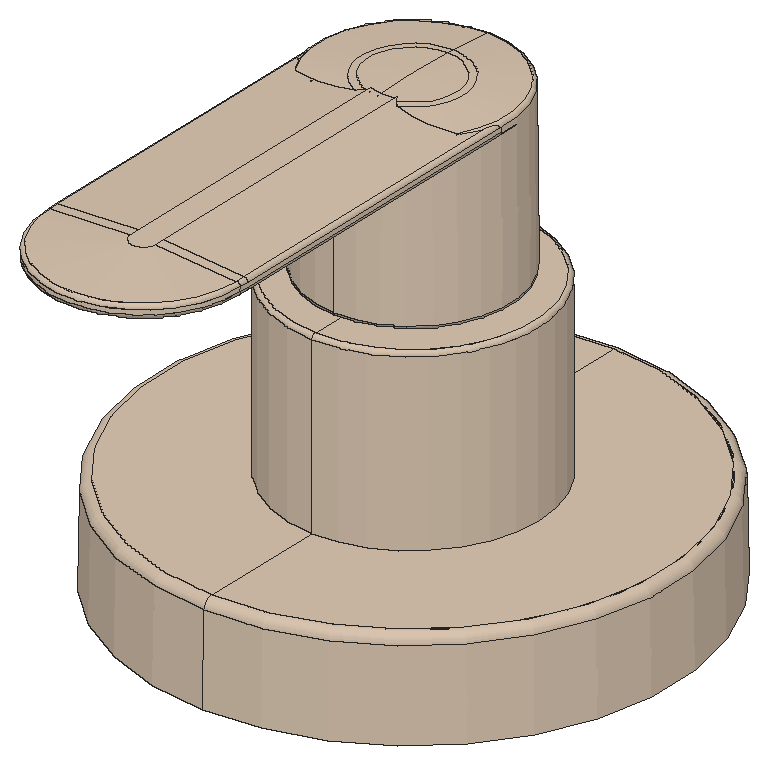
Revit family "Shower-Valve_Trim-KALLISTA-Capsule-P34134", category Specialty Equipment, host Face, Revit 2021
Family settings
  Host = Face
  Round Connector Dimension = Use Diameter
  Part Type = Normal
  OmniClass Number = 23.31.25.00
  OmniClass Title = Toilet and Bath Specialties
  Cut with Voids When Loaded = No
  Shared = No
  Room Calculation Point = No
Parameters (values of type "BAF-Brushed French Gold")
  Width = 3 191/256"  # constant formula
  WaterSense Certified = 1 = 0  # no
  URL = "https://www.kallista.com/"
  Type = 1
  Product Page URL = ""
  Product Name = "Capsule"  # constant formula
  Product Documentation Link = ""
  Model = if(Type = 1, "P34134-LV-BAF", if(Type = 2, "P34134-LV-BL", if(Type = 3, "P34134-LV-BN", if(Type = 4, "P34134-LV-CP", if(Type = 5, "P34134-LV-SN", "NA")))))  # "P34134-LV-BAF"
  Material = "Premium Metal Construction"  # constant formula
  Master Format 2014 Name = "Toilet, Bath, and Laundry Accessories"  # constant formula
  Master Format 2014 = "10 28 00"  # constant formula
  Manufacturer Address = "444 Highland Dr, Kohler, WI 53044"  # constant formula
  Manufacturer = "Kallista Co."  # constant formula
  Length = 3 31/128"  # constant formula
  Height = 4 31/32"  # constant formula
  Handle Clearance = 3 3/32"  # constant formula
  Finish = Kallista-Metal-BAF-Brushed_French_Gold
  Environmental Product Declaration = ""
  Description = "Volume Control Lever"  # constant formula
  Default Elevation = 42"
  Declare Label = ""
  Date Modified = "08/30/2023"  # constant formula
  Date Created = "08/30/2023"  # constant formula
  Copyright = "Copyright Kallista Co."  # constant formula
  Contact Us = "https://www.kallista.com/corporate/contact-us/"
  Assembly Code = "C1030200"
  ADA Compliant = 1 = 0  # no
Types (6): name | Type | Model | Finish
  (no name) | 1 | "P34134-LV-BAF" | Kallista-Metal-BAF-Brushed_French_Gold
  BAF-Brushed French Gold | 1 | "P34134-LV-BAF" | Kallista-Metal-BAF-Brushed_French_Gold
  BL-Matte Black | 2 | "P34134-LV-BL" | Kallista-Metal-BL-Matte_Black
  BN-Brushed Nickel | 3 | "P34134-LV-BN" | Kallista-Metal-BN-Brushed_Nickel
  CP-Chrome | 4 | "P34134-LV-CP" | Kallista-Metal-CP-Chrome
  SN-Polished Nickel | 5 | "P34134-LV-SN" | Kallista-Metal-SN-Polished_Nickel
Reference planes (in)
  plane 1 "Center (Front/Back)": y = 0
  plane 2: z = 0
  plane 3 "Center (Left/Right)": x = 0
  plane 4: y = 1.875
  plane 5: x = 1.87402
  plane 6: x = -1.87208
  plane 7: y = -3.09375
  plane 8: y = -0.89961
  plane 9: y = -1.87303
  plane 10: y = 0.89961
  plane 11: x = -0.68821
  plane 12: x = 0.68974
  plane 13: z = 3.24219
Dimensions and locks (in)
  "Height": plane 4 to plane 7
  "Width": plane 6 to plane 5
  "Length": plane 13 to level
  plane 11 to plane 12 = 1.37795"
  plane 4 to plane 9 = 3.74803"
  plane 5 to plane 6 = 3 191/256"
  "Handle Clearance": plane 1 "Center (Front/Back)" to plane 7
  aligned and locked: plane 2 to host face
  aligned and locked: level to host face
Automatic sketch dimensions
  host sketch curve to host sketch curve = 96"  (x2)
Nested families (in)
  nested 1: "P34134" at (0, 0, 0), type "P34134"
Definition of nested family "P34134"
  Parameters (values of type "P34134")
    Material = none
    Default Elevation = 0"
  Reference planes (in)
    plane 1 "Center (Front/Back)": y = 0
    plane 2: z = 0
    plane 3 "Center (Left/Right)": x = 0
    plane 4: y = 1.87402
    plane 5: y = -1.87402
    plane 6: y = -3.09449
    plane 7: y = -0.89961
    plane 8: y = 0.89961
    plane 9: z = 3.24409
    plane 10: x = 1.87402
    plane 11: x = -1.87402
    plane 12: x = 0.68974
    plane 13: x = -0.68821
    plane 14: z = 0.70079
  Forms (in)
    Revolve 1, solid, material <- "Material", detail levels medium+fine
      sketch origin (0, 0, 0) x (0, 1, 0) y (0, 0, 1)
        loop
          line (0, 0) -> (1.875, 0) -> (1.86396, 0.63248)
          arc (1.86396, 0.63248) -> (1.84336, 0.68042) -> (1.79507, 0.70017) r 0.0689
          line (1.79507, 0.70017) -> (0.89961, 0.70017) -> (0.89961, 1.94068)
          arc (0.89961, 1.94068) -> (0.89096, 1.96156) -> (0.87008, 1.97021) r 0.02953
          line (0.87008, 1.97021) -> (0.355, 1.97021) -> (0.355, 2.00498) -> (0.68206, 2.00498)
          arc (0.68206, 2.00498) -> (0.69632, 2.01091) -> (0.70216, 2.02521) r 0.0201
          line (0.70216, 2.02521) -> (0.69507, 3.18532)
          arc (0.69507, 3.18532) -> (0.68753, 3.20444) -> (0.66906, 3.21348) r 0.02843
          line (0.66906, 3.21348) -> (0.36322, 3.2396)
          arc (0.36322, 3.2396) -> (0.33891, 3.24133) -> (0.31455, 3.24236) r 0.85071
          line (0.31455, 3.24236) -> (0, 3.25115) -> (0, 0)
        axis (0, 0) -> (0, 3.25115)
      angle from 0 to 360
    Sweep 2, solid, material <- "Material", detail levels medium+fine
      path origin (0, 0, 0) x (1, 0, 0) y (0, 1, 0)
        loop
          line (0.68974, -2.33944) -> (0.68974, -2.40652)
          arc (0.68974, -2.40652) -> (0.00076, -3.0955) -> (-0.68821, -2.40652) r 0.68898
          line (-0.68821, -2.40652) -> (-0.68821, -2.33944)
      profile origin (-0.68821, -2.40652, 0) x (-1, 0, 0) y (0, 0, 1)
        loop
          arc (0, 3.18045) -> (-0.00714, 3.19929) -> (-0.02498, 3.20866) r 0.02841
          arc (-0.02498, 3.20866) -> (-0.31131, 3.23473) -> (-0.5987, 3.24343) r 4.74979
          line (-0.5987, 3.24343) -> (-0.65506, 3.24343) -> (-0.65506, 2.93726) -> (-0.61505, 2.93726)
          arc (-0.61505, 2.93726) -> (-0.34468, 2.97286) -> (-0.09273, 3.07722) r 1.04464
          line (-0.09273, 3.07722) -> (-0.01548, 3.12182)
          arc (-0.01548, 3.12182) -> (-0.00415, 3.13315) -> (0, 3.14863) r 0.03096
          line (0, 3.14863) -> (0, 3.18045)
    Extrusion 3, solid, material <- "Material", detail levels medium+fine
      sketch origin (0, 0, 0) x (1, 0, 0) y (0, 1, 0)
        loop
          line (0.03469, -2.33944) -> (-0.03316, -2.33944) -> (-0.03316, -2.40652)
          arc (-0.03316, -2.40652) -> (0.00076, -2.44044) -> (0.03469, -2.40652) r 0.03392
          line (0.03469, -2.40652) -> (0.03469, -2.33944)
      from 2.93726 to 3.24343
    Extrusion 4, solid, material <- "Material", detail levels medium+fine
      sketch origin (0, 0, 0) x (1, 0, 0) y (0, 0, 1)
        loop
          arc (-0.66323, 3.20866) -> (-0.68107, 3.19929) -> (-0.68821, 3.18045) r 0.02841
          line (-0.68821, 3.18045) -> (-0.68821, 3.14863)
          arc (-0.68821, 3.14863) -> (-0.68406, 3.13315) -> (-0.67273, 3.12182) r 0.03096
          line (-0.67273, 3.12182) -> (-0.59548, 3.07722)
          arc (-0.59548, 3.07722) -> (-0.34353, 2.97286) -> (-0.07316, 2.93726) r 1.04464
          line (-0.07316, 2.93726) -> (0.07469, 2.93726)
          arc (0.07469, 2.93726) -> (0.34506, 2.97286) -> (0.59701, 3.07722) r 1.04464
          line (0.59701, 3.07722) -> (0.67426, 3.12182)
          arc (0.67426, 3.12182) -> (0.68559, 3.13315) -> (0.68974, 3.14863) r 0.03096
          line (0.68974, 3.14863) -> (0.68974, 3.18045)
          arc (0.68974, 3.18045) -> (0.6826, 3.19929) -> (0.66476, 3.20866) r 0.02841
          arc (0.66476, 3.20866) -> (0.37843, 3.23473) -> (0.09104, 3.24343) r 4.74979
          line (0.09104, 3.24343) -> (-0.08951, 3.24343)
          arc (-0.08951, 3.24343) -> (-0.3769, 3.23473) -> (-0.66323, 3.20866) r 4.74979
      from -0.06532 to 2.33944
    Revolve 5, solid, material <- "Material", detail levels coarse
      sketch origin (0, 0, 0) x (0, 1, 0) y (0, 0, 1)
        loop
          line (0, 0) -> (1.875, 0) -> (1.86278, 0.70017) -> (0.89961, 0.70017) -> (0.89961, 1.97021) -> (0.355, 1.97021) -> (0.355, 2.00498) -> (0.70216, 2.00498) -> (0.70216, 3.25115) -> (0, 3.25115) -> (0, 0)
        axis (0, 0) -> (0, 3.25115)
      angle from 0 to 360
    Extrusion 6, solid, material <- "Material", detail levels coarse
      sketch origin (0, 0, 0) x (1, 0, 0) y (0, 0, 1)
        loop
          line (0.68974, 3.25115) -> (-0.68821, 3.25115) -> (-0.68821, 3.14863)
          arc (-0.68821, 3.14863) -> (-0.68406, 3.13315) -> (-0.67273, 3.12182) r 0.03096
          line (-0.67273, 3.12182) -> (-0.59548, 3.07722)
          arc (-0.59548, 3.07722) -> (-0.34353, 2.97286) -> (-0.07316, 2.93726) r 1.04464
          line (-0.07316, 2.93726) -> (0.07469, 2.93726)
          arc (0.07469, 2.93726) -> (0.34506, 2.97286) -> (0.59701, 3.07722) r 1.04464
          line (0.59701, 3.07722) -> (0.67426, 3.12182)
          arc (0.67426, 3.12182) -> (0.68559, 3.13315) -> (0.68974, 3.14863) r 0.03096
          line (0.68974, 3.14863) -> (0.68974, 3.25115)
      from 0 to 3.09561
  Cuts and joins
    joined: Sweep 2, Extrusion 3, Extrusion 4
    joined: Revolve 5, Extrusion 6
  Lines and regions (in)
    Masking region 1
      outline origin (0, 0, 0) x (0, 1, 0) y (0, 0, 1)
        loop
          line (1.875, 0) -> (1.86398, 0.63116)
          arc (1.86398, 0.63116) -> (1.8428, 0.68047) -> (1.79313, 0.70079) r 0.07087
          line (1.79313, 0.70079) -> (0.89961, 0.70079) -> (0.89961, 1.94082)
          arc (0.89961, 1.94082) -> (0.89106, 1.96146) -> (0.87043, 1.97) r 0.02918
          line (0.87043, 1.97) -> (0.35501, 1.97) -> (0.35501, 2.00503) -> (0.68248, 2.00503)
          arc (0.68248, 2.00503) -> (0.6964, 2.0108) -> (0.70217, 2.02472) r 0.01969
          line (0.70217, 2.02472) -> (0.69561, 3.18628)
          arc (0.69561, 3.18628) -> (0.6901, 3.20048) -> (0.67654, 3.20741) r 0.02138
          arc (0.67654, 3.20741) -> (0.33877, 3.23492) -> (0, 3.24409) r 6.25728
          line (0, 3.24409) -> (-2.39922, 3.24409)
          arc (-2.39922, 3.24409) -> (-2.73778, 3.23483) -> (-3.07532, 3.20705) r 6.18758
          arc (-3.07532, 3.20705) -> (-3.08899, 3.20002) -> (-3.09449, 3.18565) r 0.02152
          line (-3.09449, 3.18565) -> (-3.09449, 3.1477)
          arc (-3.09449, 3.1477) -> (-3.09028, 3.13115) -> (-3.07868, 3.11861) r 0.03467
          arc (-3.07868, 3.11861) -> (-2.75354, 2.97223) -> (-2.39947, 2.93) r 1.17617
          line (-2.39947, 2.93) -> (-1.19942, 2.93)
          arc (-1.19942, 2.93) -> (-0.84896, 2.78798) -> (-0.69625, 2.44204) r 0.50341
          line (-0.69625, 2.44204) -> (-0.69602, 2.02471)
          arc (-0.69602, 2.02471) -> (-0.69024, 2.0108) -> (-0.67632, 2.00503) r 0.01969
          line (-0.67632, 2.00503) -> (-0.35501, 2.00503) -> (-0.35501, 1.97) -> (-0.87043, 1.97)
          arc (-0.87043, 1.97) -> (-0.89106, 1.96146) -> (-0.89961, 1.94082) r 0.02918
          line (-0.89961, 1.94082) -> (-0.89961, 0.70079) -> (-1.79313, 0.70079)
          arc (-1.79313, 0.70079) -> (-1.8428, 0.68047) -> (-1.86398, 0.63116) r 0.07087
          line (-1.86398, 0.63116) -> (-1.875, 0) -> (1.875, 0)
    Masking region 2
      outline origin (0, 0, 0) x (1, 0, 0) y (0, 1, 0)
        loop
          arc (-0.71853, 1.73079) -> (-1.32539, 1.32487) -> (-1.73107, 0.71786) r 1.87402
          arc (-1.73107, 0.71786) -> (-1.83793, 0.36598) -> (-1.87402, 0) r 1.87402
          arc (-1.87402, 0) -> (-1.84132, -0.34853) -> (-1.74438, -0.68489) r 1.87402
          arc (-1.74438, -0.68489) -> (-1.32639, -1.32387) -> (-0.68821, -1.74307) r 1.87402
          line (-0.68821, -1.74307) -> (-0.68821, -2.39985)
          arc (-0.68821, -2.39985) -> (-0.55936, -2.80079) -> (-0.22105, -3.05159) r 0.68821
          arc (-0.22105, -3.05159) -> (-0.11198, -3.08053) -> (0, -3.09449) r 0.83448
          arc (0, -3.09449) -> (0.08881, -3.08394) -> (0.17625, -3.06511) r 0.95368
          arc (0.17625, -3.06511) -> (0.5454, -2.81958) -> (0.68821, -2.39985) r 0.68821
          line (0.68821, -2.39985) -> (0.68821, -1.74307)
          arc (0.68821, -1.74307) -> (1.30184, -1.34802) -> (1.71803, -0.74854) r 1.87402
          arc (1.71803, -0.74854) -> (1.83461, -0.38231) -> (1.87402, 0) r 1.87402
          arc (1.87402, 0) -> (1.84447, 0.33145) -> (1.75677, 0.65245) r 1.87402
          arc (1.75677, 0.65245) -> (1.34523, 1.30471) -> (0.70586, 1.736) r 1.87402
          arc (0.70586, 1.736) -> (0.35961, 1.83919) -> (0, 1.87402) r 1.87402
          arc (0, 1.87402) -> (-0.36633, 1.83786) -> (-0.71853, 1.73079) r 1.87402
    Masking region 3
      outline origin (0, 0, 0) x (1, 0, 0) y (0, 0, 1)
        loop
          line (-1.875, 0) -> (1.875, 0) -> (1.864, 0.63033)
          arc (1.864, 0.63033) -> (1.84281, 0.67965) -> (1.79314, 0.69997) r 0.07087
          line (1.79314, 0.69997) -> (0.9, 0.69997) -> (0.9, 1.94048)
          arc (0.9, 1.94048) -> (0.89135, 1.96135) -> (0.87047, 1.97) r 0.02953
          line (0.87047, 1.97) -> (0.35259, 1.97) -> (0.35259, 2.00502) -> (0.66853, 2.00502)
          arc (0.66853, 2.00502) -> (0.68244, 2.01078) -> (0.68821, 2.0247) r 0.01969
          line (0.68821, 2.0247) -> (0.68821, 3.1874)
          arc (0.68821, 3.1874) -> (0.68283, 3.20144) -> (0.66945, 3.20828) r 0.021
          arc (0.66945, 3.20828) -> (0.38437, 3.23231) -> (0.09849, 3.24332) r 6.27515
          arc (0.09849, 3.24332) -> (0.04925, 3.2439) -> (0, 3.24409) r 6.27515
          arc (0, 3.24409) -> (-0.04626, 3.24392) -> (-0.09252, 3.24341) r 6.27515
          arc (-0.09252, 3.24341) -> (-0.38139, 3.23249) -> (-0.66945, 3.20828) r 6.27515
          arc (-0.66945, 3.20828) -> (-0.68283, 3.20144) -> (-0.68821, 3.1874) r 0.021
          line (-0.68821, 3.1874) -> (-0.68821, 2.0247)
          arc (-0.68821, 2.0247) -> (-0.68244, 2.01078) -> (-0.66853, 2.00502) r 0.01969
          line (-0.66853, 2.00502) -> (-0.35259, 2.00502) -> (-0.35259, 1.97) -> (-0.87047, 1.97)
          arc (-0.87047, 1.97) -> (-0.89135, 1.96135) -> (-0.9, 1.94048) r 0.02953
          line (-0.9, 1.94048) -> (-0.9, 0.69997) -> (-1.79314, 0.69997)
          arc (-1.79314, 0.69997) -> (-1.84281, 0.67965) -> (-1.864, 0.63033) r 0.07087
          line (-1.864, 0.63033) -> (-1.875, 0)
    symbolic lines
      curve 1: line (0, 1.864, 0.63023) -> (0, -1.864, 0.63023)
      curve 2: line (0, 0.89961, 0.70079) -> (0, -0.89961, 0.70079)
      curve 3: line (0, 0.89961, 1.94082) -> (0, -0.89961, 1.94082)
      curve 4: line (0, 0.35501, 1.97) -> (0, -0.35501, 1.97)
      curve 5: line (0, 0.35501, 2.00503) -> (0, -0.35501, 2.00503)
      curve 6: line (0, 0.70217, 2.02472) -> (0, -0.69602, 2.02472)
      curve 7: line (0, -3.09449, 3.18565) -> (0, 0.69561, 3.18628)
      curve 8: line (0, 0.67654, 3.20741) -> (0, -3.07532, 3.20705)
      curve 9: line (0, -3.07868, 3.11861) -> (0, -0.71647, 3.11861)
      curve 10: line (0, -3.09449, 3.1477) -> (0, -0.77427, 3.1477)
      curve 11: arc (0, -0.77427, 3.1477) -> (0, -0.37754, 3.02624) -> (0, -0.11681, 2.70349) r 0.70866
      curve 12: arc (0, -0.11681, 2.70349) -> (0, -0.07643, 2.57353) -> (0, -0.05759, 2.43874) r 0.83898
      curve 13: line (0, -0.05759, 2.43874) -> (0, 0.00596, 2.00503)
      curve 14: arc (0, -0.71647, 3.11861) -> (0, -0.27735, 2.88497) -> (0, -0.05759, 2.43874) r 0.80993
      curve 15: line (0, -0.11681, 2.70349) -> (0, 0, 2.70349)
      curve 16: arc (0, 0, 2.70349) -> (0, 0.01517, 2.70003) -> (0, 0.02735, 2.69033) r 0.03499
      curve 17: arc (0, 0.02735, 2.69033) -> (0, 0.05558, 2.64685) -> (0, 0.07482, 2.59869) r 0.26523
      curve 18: arc (0, 0.07482, 2.59869) -> (0, 0.09417, 2.52099) -> (0, 0.10757, 2.44204) r 1.05293
      curve 19: arc (0, 0.11375, 2.38091) -> (0, 0.13154, 2.19248) -> (0, 0.15778, 2.00503) r 4.21137
      curve 20: line (0, 0.02735, 2.69033) -> (0, -0.11164, 2.69033)
      curve 21: line (0, 0.10757, 2.44204) -> (0, -0.69625, 2.44204)
      curve 22: arc (0, 0.10757, 2.44204) -> (0, 0.1111, 2.41152) -> (0, 0.11375, 2.38091) r 1.05293
      curve 23: line (0, -0.71647, 3.11861) -> (0, -1.19942, 2.93)
      curve 24: line (0, -2.39922, 3.24409) -> (0, -2.39947, 2.93)
      curve 25: line (-0.68821, -1.74307, 0) -> (-0.68821, 0.00618, 0)
      curve 26: line (0.68821, -1.74307, 0) -> (0.68821, 0.00618, 0)
      curve 27: arc (-0.68821, 0.00618, 0) -> (0, 0.69439, 0) -> (0.68821, 0.00618, 0) r 0.68821
      curve 28: line (-0.66853, -1.74307, 0) -> (-0.66853, 0.00618, 0)
      curve 29: arc (-0.66853, 0.00618, 0) -> (0, 0.67471, 0) -> (0.66853, 0.00618, 0) r 0.66853
      curve 30: line (0.66853, -1.74307, 0) -> (0.66853, 0.00618, 0)
      curve 31: line (0.66853, -1.74307, 0) -> (0.66853, -2.39985, 0)
      curve 32: line (-0.66853, -1.74307, 0) -> (-0.66853, -2.39985, 0)
      curve 33: arc (-0.66853, -2.39985, 0) -> (-0.54336, -2.78932, 0) -> (-0.21473, -3.03295, 0) r 0.66853
      curve 34: arc (-0.00015, -3.07476, 0) -> (0.0862, -3.06442, 0) -> (0.17121, -3.04608, 0) r 0.934
      curve 35: arc (-0.21473, -3.03295, 0) -> (-0.10885, -3.06109, 0) -> (-0.00015, -3.07476, 0) r 0.81479
      curve 36: arc (0.17121, -3.04608, 0) -> (0.5298, -2.80757, 0) -> (0.66853, -2.39985, 0) r 0.66853
      curve 37: arc (-0.68821, -0.57965, 0) -> (0, 0.89961, 0) -> (0.68821, -0.57965, 0) r 0.89972
      curve 38: arc (-0.68821, -0.53587, 0) -> (0, 0.87205, 0) -> (0.68821, -0.53587, 0) r 0.87216
      curve 39: arc (0.6762, 1.66306, 0) -> (0.3445, 1.76191, 0) -> (0, 1.79528, 0) r 1.79528
      curve 40: arc (0, 1.79528, 0) -> (-0.35094, 1.76064, 0) -> (-0.68834, 1.65807, 0) r 1.79528
      curve 41: arc (-0.68834, 1.65807, 0) -> (-1.2697, 1.26921, 0) -> (-1.65834, 0.6877, 0) r 1.79528
      curve 42: arc (-1.65834, 0.6877, 0) -> (-1.76071, 0.3506, 0) -> (-1.79528, 0, 0) r 1.79528
      curve 43: arc (-1.79528, 0, 0) -> (-1.76396, -0.33388, 0) -> (-1.67109, -0.65611, 0) r 1.79528
      curve 44: arc (-1.67109, -0.65611, 0) -> (-1.28163, -1.25715, 0) -> (-0.68821, -1.65813, 0) r 1.79528
      curve 45: arc (0.68821, -1.65813, 0) -> (1.25831, -1.2805, 0) -> (1.64584, -0.71708, 0) r 1.79528
      curve 46: arc (1.64584, -0.71708, 0) -> (1.75752, -0.36624, 0) -> (1.79528, 0, 0) r 1.79528
      curve 47: arc (1.79528, 0, 0) -> (1.76697, 0.31752, 0) -> (1.68296, 0.62504, 0) r 1.79528
      curve 48: arc (1.68296, 0.62504, 0) -> (1.28871, 1.24989, 0) -> (0.6762, 1.66306, 0) r 1.79528
      curve 49: line (-0.68821, 0, 3.1874) -> (0.68821, 0, 3.1874)
      curve 50: line (0.66945, 0, 3.20828) -> (-0.66945, 0, 3.20828)
      curve 51: line (-0.68821, 0, 2.0247) -> (0.68821, 0, 2.0247)
      curve 52: line (-0.35259, 0, 2.00502) -> (0.35259, 0, 2.00502)
      curve 53: line (-0.35259, 0, 1.97) -> (0.35259, 0, 1.97)
      curve 54: line (-0.9, 0, 1.94048) -> (0.9, 0, 1.94048)
      curve 55: line (-0.9, 0, 0.69997) -> (0.9, 0, 0.69997)
      curve 56: line (-1.864, 0, 0.63033) -> (1.864, 0, 0.63033)
  Dimensions and locks (in)
    aligned and locked: plane 2 to level
